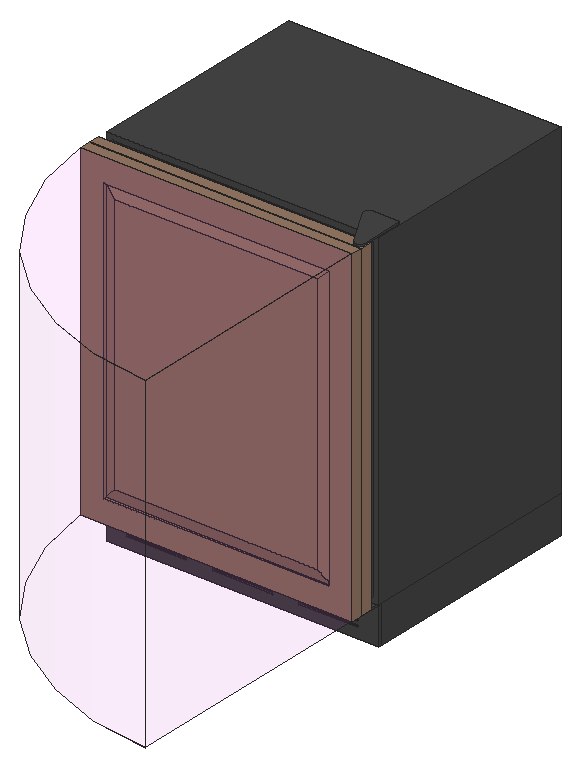
Revit family "QF_Summit_FF6BK2SSIFADA_Refrigerator", category Specialty Equipment, Revit 2020
Family settings
  Round Connector Dimension = Use Diameter
  Part Type = Normal
  Work Plane-Based = No
  Always vertical = Yes
  Cut with Voids When Loaded = No
  Shared = No
  Room Calculation Point = No
Parameters
  Weight in Pounds = 100
  Watts = Volts * FL Amps  # 92 W
  Volts = 115 V
  URL Cutsheet = ""
  Specification by User = ""
  Specification by Manufacturer = ""
  Show LHD [instance] = no
  Right Hinged Door [instance] = not(Show LHD)  # yes
  Serial Number = ""
  Seismic Rating = ""
  SMACNA No = ""
  Revision Code = ""
  Refrigerant Volume = 0.00 kip
  Refrigerant Type = "R600a"
  Phase = 1
  Number of Poles = 1
  NAFEM Spec ID Number = ""
  Model = "FF6BK2SSIFADA"
  Min Ckt Ampacity = 0 A
  Max Overcurrent Protection = 0 A
  Masterspec = ""
  Manufacturer = "Summit"
  Length = 23 5/8"
  Item Number = ""
  Installed By = ""
  Identify Quantity as Lot = yes
  Height = 32 1/8"
  HP = ""
  Furnished By = ""
  Foodservice Equipment Identifier = yes
  FL Amps = 0.8 A
  Electrical Remarks = ""
  Electric Connection Type = ""
  Elec Conn RI Height = 0"
  Elec Conn Connection Height = 0"
  Description = "Refrigerator"
  Depth = 22 3/8"
  Default Elevation = 0"
  Cycle = 60 Hz
  Conn Plug = ""
  Conn Conduit = yes
  CSI MasterFormat = ""
  BTUH = 0.0 Btu/h
  Apparent Power = if(Phase = 3, Volts * FL Amps * 1.73, Volts * FL Amps)  # 92 VA
Reference planes (in)
  plane 1 "BACK": y = 0
  plane 2: z = 0
  plane 3 "LEFT": x = 0
  plane 4 "RIGHT": x = 23.625
  plane 5 "FRONT": y = -22.375
  plane 6 "TOP": z = 32.125
  plane 7 "Center Y": x = 11.8125
  plane 8 "Center X": y = -11.1875
  plane 9: z = 32
  plane 10: y = -23.375
  plane 11: y = -45.875
  plane 12: y = -0.75
  plane 13: y = -20.5
  plane 14: z = 0.125
  plane 15: z = 3.375
  plane 16: x = 17.46169
Forms (in)
  Extrusion 1, solid, material "QF_Metallic_Paint_Black_Smooth"
    sketch origin (-4.07558, -180, 0.25) x (-1, 0, 0) y (0, -1, 0)
      loop
        line (-4.07558, -179.25) -> (-4.07558, -159.5) -> (-27.70058, -159.5) -> (-27.70058, -179.25) -> (-4.07558, -179.25)
    from 3.125 to 31.75
  Extrusion 2, solid, material "QF_Wood_Mahogany"
    sketch origin (-5.77638, -180, 3.5) x (-1, 0, 0) y (0, -1, 0)
      loop
        line (-5.77638, -157.625) -> (-29.40138, -157.625) -> (-29.40138, -158.625) -> (-5.77638, -158.625) -> (-5.77638, -157.625)
    from -0.125 to 28.5
  Extrusion 3, solid, material "QF_Metallic_Paint_Black_Smooth"
    sketch origin (23.5, -21.375, 3.5) x (-1, 0, 0) y (0, 0, 1)
      loop
        line (0.375, 0.375) -> (23, 0.375) -> (23, 28) -> (0.375, 28) -> (0.375, 0.375)
    from 0 to 0.875
  Extrusion 4, solid, material "QF_Metallic_Paint_Black_Smooth", visible <- "Right Hinged Door"
    sketch origin (-5.77638, -180, 32) x (-1, 0, 0) y (0, -1, 0)
      loop
        arc (-29.27619, -161.7403) -> (-29.20297, -161.91708) -> (-29.02619, -161.9903) r 0.25
        line (-29.02619, -161.9903) -> (-26.9149, -161.9903)
        arc (-26.9149, -161.9903) -> (-26.55876, -161.78675) -> (-26.55339, -161.37658) r 0.41333
        line (-26.55339, -161.37658) -> (-28.47012, -157.91871)
        arc (-28.47012, -157.91871) -> (-28.95386, -157.71088) -> (-29.27619, -158.12717) r 0.42999
        line (-29.27619, -158.12717) -> (-29.27619, -161.7403)
    from 0 to 0.125
  Extrusion 5, solid, material "QF_Metallic_Paint_Black_Smooth", visible <- "Right Hinged Door"
    sketch origin (-5.77638, -180, 3.375) x (0, 1, 0) y (1, 0, 0)
      loop
        line (159.5, 29.27619) -> (158.12717, 29.27619)
        arc (158.12717, 29.27619) -> (157.71088, 28.95386) -> (157.91871, 28.47012) r 0.42999
        line (157.91871, 28.47012) -> (159.5, 27.5936) -> (159.5, 29.27619)
    from 0 to 0.125
  Extrusion 6, solid, material "QF_Metallic_Paint_Black_Smooth"
    sketch origin (-12.48311, -20.5, 48) x (-1, 0, 0) y (0, 0, 1)
      loop
        line (-12.48311, -44.625) -> (-36.10811, -44.625) -> (-36.10811, -47.875) -> (-12.48311, -47.875) -> (-12.48311, -44.625)
      loop
        line (-14.18872, -45.26011) -> (-19.43872, -45.26011) -> (-19.43872, -45.51011) -> (-14.18872, -45.51011) -> (-14.18872, -45.26011)
      loop
        line (-14.18872, -45.76011) -> (-19.43872, -45.76011) -> (-19.43872, -46.01011) -> (-14.18872, -46.01011) -> (-14.18872, -45.76011)
      loop
        line (-14.18872, -46.26011) -> (-19.43872, -46.26011) -> (-19.43872, -46.51011) -> (-14.18872, -46.51011) -> (-14.18872, -46.26011)
      loop
        line (-14.18872, -46.76011) -> (-19.43872, -46.76011) -> (-19.43872, -47.01011) -> (-14.18872, -47.01011) -> (-14.18872, -46.76011)
      loop
        line (-21.67061, -45.26011) -> (-26.92061, -45.26011) -> (-26.92061, -45.51011) -> (-21.67061, -45.51011) -> (-21.67061, -45.26011)
      loop
        line (-21.67061, -45.76011) -> (-26.92061, -45.76011) -> (-26.92061, -46.01011) -> (-21.67061, -46.01011) -> (-21.67061, -45.76011)
      loop
        line (-21.67061, -46.26011) -> (-26.92061, -46.26011) -> (-26.92061, -46.51011) -> (-21.67061, -46.51011) -> (-21.67061, -46.26011)
      loop
        line (-21.67061, -46.76011) -> (-26.92061, -46.76011) -> (-26.92061, -47.01011) -> (-21.67061, -47.01011) -> (-21.67061, -46.76011)
      loop
        line (-34.40249, -45.26011) -> (-34.40249, -45.51011) -> (-29.15249, -45.51011) -> (-29.15249, -45.26011) -> (-34.40249, -45.26011)
      loop
        line (-34.40249, -45.76011) -> (-34.40249, -46.01011) -> (-29.15249, -46.01011) -> (-29.15249, -45.76011) -> (-34.40249, -45.76011)
      loop
        line (-34.40249, -46.26011) -> (-34.40249, -46.51011) -> (-29.15249, -46.51011) -> (-29.15249, -46.26011) -> (-34.40249, -46.26011)
      loop
        line (-34.40249, -46.76011) -> (-34.40249, -47.01011) -> (-29.15249, -47.01011) -> (-29.15249, -46.76011) -> (-34.40249, -46.76011)
    from 0 to 0.25
  Extrusion 7, solid, material "QF_Metallic_Paint_Black_Smooth"
    sketch origin (-12.48311, -1, 48) x (-1, 0, 0) y (0, 0, 1)
      loop
        line (-12.48311, -44.625) -> (-36.10811, -44.625) -> (-36.10811, -47.875) -> (-12.48311, -47.875) -> (-12.48311, -44.625)
    from -19.25 to 0.25
  Extrusion 8, solid, material "QF_Metallic_Paint_Black_Smooth"
    sketch origin (0, 0, 0) x (1, 0, 0) y (0, 1, 0)
      loop
        circle (3.1104, -18.5) r 0.5
      loop
        circle (3.1104, -2.75) r 0.5
      loop
        circle (20.5146, -18.5) r 0.5
      loop
        circle (20.5146, -2.75) r 0.5
    from 0 to 0.125
  Extrusion 9, solid, material "QF_Metal_Stainless_Polished"
    sketch origin (0, -0.75, 0.25) x (1, 0, 0) y (0, 0, -1)
      loop
        circle (17.46169, -0.84684) r 0.25
    from 0 to 0.25
  Extrusion 10, solid, material "QF_Metallic_Paint_Black_Smooth"
    sketch origin (0, -0.75, 17.75) x (0, -1, 0) y (1, 0, 0)
      loop
        line (-0.75, 9.30778) -> (0, 9.30778) -> (0, 14.31722) -> (-0.75, 14.31722) -> (-0.75, 9.30778)
    from -3 to 3
  Extrusion 11, solid, material "QF_Clearances_Door_Drawer", visible <- "Right Hinged Door"
    sketch origin (-5.77638, -180, 3.375) x (0, -1, 0) y (-1, 0, 0)
      loop
        line (-156.625, -29.40138) -> (-134.125, -29.40138)
        arc (-134.125, -29.40138) -> (-140.92298, -13.34886) -> (-156.625, -5.77638) r 24.71492
        line (-156.625, -5.77638) -> (-156.625, -29.40138)
    from 0 to -28.625
  Extrusion 12, solid, material "QF_Wood_Mahogany"
    sketch origin (23.625, -22.375, 3.5) x (-1, 0, 0) y (0, 0, 1)
      loop
        line (23.625, 28.5) -> (0, 28.5) -> (0, -0.125) -> (23.625, -0.125) -> (23.625, 28.5)
      loop
        line (21.625, 1.875) -> (21.625, 26.5) -> (2, 26.5) -> (2, 1.875) -> (21.625, 1.875)
    from 0 to -1
  Extrusion 13, solid
    sketch origin (23.625, -22.375, 3.5) x (-1, 0, 0) y (0, 0, 1)
      loop
        line (21.625, 26.5) -> (2, 26.5) -> (2, 1.875) -> (21.625, 1.875) -> (21.625, 26.5)
    from 0 to -0.75
  Blend 14, solid, material "QF_Wood_Mahogany"
    base sketch origin (23.625, -23.125, 3.5) x (1, 0, 0) y (0, 0, 1)
      loop
        line (-21.625, 26.5) -> (-21.625, 1.875) -> (-2, 1.875) -> (-2, 26.5) -> (-21.625, 26.5)
    top sketch origin (23.625, -23.125, 3.5) x (-1, 0, 0) y (0, 0, 1)
      loop
        line (20.625, 2.875) -> (20.625, 25.5) -> (3, 25.5) -> (3, 2.875) -> (20.625, 2.875)
    from 0 to 0.25
  Extrusion 15, solid, material "QF_Metallic_Paint_Black_Smooth", visible <- "Show LHD"
    sketch origin (29.40138, -180, 32) x (1, 0, 0) y (0, 1, 0)
      loop
        line (-29.27619, 161.7403) -> (-29.27619, 158.12717)
        arc (-29.27619, 158.12717) -> (-28.95386, 157.71088) -> (-28.47012, 157.91871) r 0.42999
        line (-28.47012, 157.91871) -> (-26.55339, 161.37658)
        arc (-26.55339, 161.37658) -> (-26.55876, 161.78675) -> (-26.9149, 161.9903) r 0.41333
        line (-26.9149, 161.9903) -> (-29.02619, 161.9903)
        arc (-29.02619, 161.9903) -> (-29.20297, 161.91708) -> (-29.27619, 161.7403) r 0.25
    from 0 to 0.125
  Extrusion 16, solid, material "QF_Metallic_Paint_Black_Smooth", visible <- "Show LHD"
    sketch origin (29.40138, -180, 3.375) x (0, -1, 0) y (-1, 0, 0)
      loop
        line (-159.5, 29.27619) -> (-159.5, 27.5936) -> (-157.91871, 28.47012)
        arc (-157.91871, 28.47012) -> (-157.71088, 28.95386) -> (-158.12717, 29.27619) r 0.42999
        line (-158.12717, 29.27619) -> (-159.5, 29.27619)
    from 0 to 0.125
  Extrusion 17, solid, material "QF_Clearances_Door_Drawer", visible <- "Show LHD"
    sketch origin (29.40138, -180, 3.375) x (0, 1, 0) y (1, 0, 0)
      loop
        line (156.625, -29.40138) -> (156.625, -5.77638)
        arc (156.625, -5.77638) -> (140.92298, -13.34886) -> (134.125, -29.40138) r 24.71492
        line (134.125, -29.40138) -> (156.625, -29.40138)
    from 0 to -28.625
Lines and regions (in)
  symbolic lines
    curve 1: line (0, -23.375, 0) -> (23.625, -23.375, 0)
    curve 2: line (23.625, -22.375, 0) -> (0, -22.375, 0)
    curve 3: line (23.625, -21.375, 0) -> (23.49982, -21.375, 0)
    curve 4: line (0, -20.5, 0) -> (0.12518, -20.5, 0)
    curve 5: line (23.625, -0.75, 0) -> (0, -0.75, 0)
    curve 6: line (14.31722, 0, 0) -> (9.30778, 0, 0)
    curve 7: line (0, -0.75, 0) -> (0, -20.5, 0)
    curve 8: line (23.625, -20.5, 0) -> (23.625, -0.75, 0)
    curve 9: line (9.30778, 0, 0) -> (9.30778, -0.75, 0)
    curve 10: line (14.31722, -0.75, 0) -> (14.31722, 0, 0)
    curve 12: line (0, -21.375, 0) -> (0, -22.375, 0)
    curve 13: line (0, -22.375, 0) -> (0, -23.375, 0)
    curve 14: line (23.625, -23.375, 0) -> (23.625, -22.375, 0)
    curve 15: line (23.625, -22.375, 0) -> (23.625, -21.375, 0)
    curve 22: line (22.30224, -21.375, 0) -> (1.32276, -21.375, 0)
    curve 23: line (23.49982, -20.5, 0) -> (23.625, -20.5, 0)
    curve 34: line (1.80778, -20.5, 0) -> (21.81722, -20.5, 0)
    curve 37: line (0.12518, -21.375, 0) -> (0, -21.375, 0)
  symbolic lines, visible <- "Right Hinged Door"
    curve 11: line (0.5, -20.5, 0) -> (0.5, -21.375, 0)
    curve 16: line (23.24982, -18.0097, 0) -> (21.13852, -18.0097, 0)
    curve 17: arc (21.13852, -18.0097, 0) -> (20.78238, -18.21325, 0) -> (20.77701, -18.62342, 0) r 0.41333
    curve 18: line (20.77701, -18.62342, 0) -> (22.69374, -22.08129, 0)
    curve 19: arc (22.69374, -22.08129, 0) -> (23.17748, -22.28912, 0) -> (23.49982, -21.87283, 0) r 0.42999
    curve 20: line (23.49982, -21.87283, 0) -> (23.49982, -18.2597, 0)
    curve 21: arc (23.49982, -18.2597, 0) -> (23.42659, -18.08292, 0) -> (23.24982, -18.0097, 0) r 0.25
    curve 35: line (0.12518, -20.5, 0) -> (1.80778, -20.5, 0)
    curve 36: line (1.32276, -21.375, 0) -> (0.12518, -21.375, 0)
  symbolic lines, style "QF_Clearances_Door_Drawer", visible <- "Right Hinged Door"
    curve 24: line (23.625, -23.375, 0) -> (3.95051, -34.73407, 0)
    curve 25: arc (3.95051, -34.73407, 0) -> (1.27379, -29.2985, 0) -> (0, -23.375, 0) r 24.71492
  symbolic lines, visible <- "Show LHD"
    curve 26: line (0.37518, -18.0097, 0) -> (2.48648, -18.0097, 0)
    curve 27: arc (2.48648, -18.0097, 0) -> (2.84262, -18.21325, 0) -> (2.84799, -18.62342, 0) r 0.41333
    curve 28: line (2.84799, -18.62342, 0) -> (0.93126, -22.08129, 0)
    curve 29: arc (0.93126, -22.08129, 0) -> (0.44752, -22.28912, 0) -> (0.12518, -21.87283, 0) r 0.42999
    curve 30: line (0.12518, -21.87283, 0) -> (0.12518, -18.2597, 0)
    curve 31: arc (0.12518, -18.2597, 0) -> (0.19841, -18.08292, 0) -> (0.37518, -18.0097, 0) r 0.25
    curve 38: line (23.125, -20.5, 0) -> (23.125, -21.375, 0)
    curve 39: line (23.49982, -20.5, 0) -> (21.81722, -20.5, 0)
    curve 40: line (22.30224, -21.375, 0) -> (23.49982, -21.375, 0)
  symbolic lines, style "QF_Clearances_Door_Drawer", visible <- "Show LHD"
    curve 32: line (0, -23.375, 0) -> (19.67449, -34.73407, 0)
    curve 33: arc (19.67449, -34.73407, 0) -> (22.35121, -29.2985, 0) -> (23.625, -23.375, 0) r 24.71492
Dimensions and locks (in)
  equal spacing: plane 3 "LEFT", plane 7 "Center Y", plane 4 "RIGHT"
  "Length": plane 3 "LEFT" to plane 4 "RIGHT"
  equal spacing: plane 5 "FRONT", plane 8 "Center X", plane 1 "BACK"
  "Depth": plane 5 "FRONT" to plane 1 "BACK"
  "Height": plane 6 "TOP" to level
  plane 4 "RIGHT" to plane 3 "LEFT" = 23 5/8"
  plane 6 "TOP" to plane 9 = 1/8"
  plane 1 "BACK" to plane 12 = 3/4"
  plane 12 to plane 13 = 19 3/4"
  plane 13 to plane 11 = 25 3/8"
  plane 12 to plane 11 = 45 1/8"
  plane 14 to plane 2 = 1/8"
  plane 9 to plane 14 = 31 7/8"
  plane 9 to plane 2 = 32"
  aligned and locked: level to plane 2
Automatic sketch dimensions
  Extrusion 1 sketch curve to plane 4 "RIGHT" = 0"
  Extrusion 1 sketch curve to plane 3 "LEFT" = 0"
  Extrusion 1 sketch curve to plane 12 = 0"
  Extrusion 1 sketch curve to plane 13 = 0"
  Extrusion 2 sketch curve to plane 4 "RIGHT" = 0"
  Extrusion 2 sketch curve to plane 3 "LEFT" = 0"
  plane 5 "FRONT" to Extrusion 2 sketch curve = 0"
  Extrusion 2 sketch curve to plane 13 = 7/8"
  Extrusion 2 to Extrusion 3 sketch curve = 1/2"  (x3)
  Extrusion 3 sketch curve to Extrusion 2 = 1/2"
  Extrusion 4 sketch curve to Extrusion 2 = 0.12518"
  Extrusion 4 sketch curve to Extrusion 4 sketch curve = 1/4"
  Extrusion 4 sketch curve to Extrusion 4 sketch curve = 0.42999"
  Extrusion 4 sketch curve to Extrusion 2 = 0.29371"
  Extrusion 4 sketch curve to Extrusion 4 sketch curve = 0.37608"
  Extrusion 4 sketch curve to Extrusion 4 sketch curve = 2.1113"
  Extrusion 4 sketch curve to Extrusion 4 sketch curve = 0.36151"
  Extrusion 2 to Extrusion 4 sketch curve = 2.75158"
  Extrusion 4 sketch curve to Extrusion 4 sketch curve = 0.20039"
  Extrusion 5 sketch curve to plane 13 = 0"
  Extrusion 5 sketch curve to plane 5 "FRONT" = 0.50217"
  Extrusion 5 sketch curve to plane 5 "FRONT" = 0.29371"
  plane 4 "RIGHT" to Extrusion 5 sketch curve = 0.12518"
  Extrusion 5 sketch curve to Extrusion 5 sketch curve = 0.42999"
  Extrusion 5 sketch curve to Extrusion 5 sketch curve = 1.6826"
  plane 4 "RIGHT" to Extrusion 6 sketch curve = 0"
  Extrusion 6 sketch curve to plane 3 "LEFT" = 0"
  Extrusion 6 sketch curve to plane 14 = 0"
  Extrusion 6 sketch curve to plane 15 = 0"
  plane 4 "RIGHT" to Extrusion 6 sketch curve = 1.70562"
  Extrusion 6 sketch curve to Extrusion 6 sketch curve = 0"  (x18)
  plane 16 to Extrusion 6 sketch curve = 0.79231"
  plane 14 to Extrusion 6 sketch curve = 0.86489"  (x2)
  Extrusion 6 sketch curve to Extrusion 6 sketch curve = 2.23188"  (x2)
  Extrusion 6 sketch curve to plane 15 = 1.13511"
  Extrusion 6 sketch curve to plane 7 "Center Y" = 2 5/8"
  plane 14 to Extrusion 6 sketch curve = 1.11489"
  plane 3 "LEFT" to Extrusion 6 sketch curve = 1.70562"
  Extrusion 6 sketch curve to Extrusion 6 sketch curve = 1/4"  (x20)
  plane 4 "RIGHT" to Extrusion 7 sketch curve = 0"
  Extrusion 7 sketch curve to plane 3 "LEFT" = 0"
  Extrusion 7 sketch curve to plane 14 = 0"
  Extrusion 7 sketch curve to plane 15 = 0"
  plane 3 "LEFT" to Extrusion 8 sketch curve = 3.1104"  (x2)
  Extrusion 8 sketch curve to plane 16 = 3.05291"  (x2)
  plane 13 to Extrusion 8 sketch curve = 2"  (x2)
  Extrusion 8 sketch curve to plane 12 = 2"  (x2)
  Extrusion 9 sketch curve to Extrusion 1 = 2.27816"
  Extrusion 9 sketch curve to Extrusion 1 = 6.16331"
  plane 1 "BACK" to Extrusion 10 sketch curve = 0"
  Extrusion 10 sketch curve to plane 12 = 0"
  Extrusion 10 sketch curve to plane 7 "Center Y" = 2.50472"
  plane 7 "Center Y" to Extrusion 10 sketch curve = 2.50472"
  Extrusion 11 sketch curve to Extrusion 2 = 0"  (x2)
  Extrusion 11 sketch curve to Extrusion 2 = 0.19499"
  Extrusion 11 sketch curve to Extrusion 2 = 1"
  Extrusion 11 sketch curve to Extrusion 11 sketch curve = 22 1/2"
  plane 4 "RIGHT" to Extrusion 12 sketch curve = 0"
  Extrusion 12 sketch curve to plane 3 "LEFT" = 0"
  Extrusion 12 sketch curve to plane 15 = 0"
  Extrusion 12 sketch curve to plane 9 = 0"
  plane 4 "RIGHT" to Extrusion 12 sketch curve = 2"
  plane 3 "LEFT" to Extrusion 12 sketch curve = 2"
  plane 15 to Extrusion 12 sketch curve = 2"
  Extrusion 12 sketch curve to plane 9 = 2"
  Extrusion 12 to Extrusion 13 sketch curve = 0"
  Extrusion 13 sketch curve to Extrusion 12 = 0"  (x3)
  Extrusion 13 to Blend 14 sketch curve = 0"
  Blend 14 sketch curve to Extrusion 13 = 0"  (x3)
  Extrusion 13 to Blend 14 sketch curve = 1"  (x4)
  Extrusion 15 sketch curve to Extrusion 2 = 0.12518"
  Extrusion 15 sketch curve to Extrusion 15 sketch curve = 1/4"
  Extrusion 15 sketch curve to Extrusion 15 sketch curve = 0.42999"
  Extrusion 15 sketch curve to Extrusion 2 = 0.29371"
  Extrusion 15 sketch curve to Extrusion 15 sketch curve = 0.37608"
  Extrusion 15 sketch curve to Extrusion 15 sketch curve = 2.1113"
  Extrusion 15 sketch curve to Extrusion 15 sketch curve = 0.36151"
  Extrusion 2 to Extrusion 15 sketch curve = 2.75158"
  Extrusion 15 sketch curve to Extrusion 15 sketch curve = 0.20039"
  Extrusion 16 sketch curve to plane 13 = 0"
  plane 3 "LEFT" to Extrusion 16 sketch curve = 0.12518"
  Extrusion 16 sketch curve to plane 5 "FRONT" = 0.50217"
  Extrusion 16 sketch curve to plane 5 "FRONT" = 0.29371"
  Extrusion 16 sketch curve to Extrusion 16 sketch curve = 0.42999"
  Extrusion 16 sketch curve to Extrusion 16 sketch curve = 1.6826"
  Extrusion 17 sketch curve to Extrusion 2 = 0"  (x2)
  Extrusion 17 sketch curve to Extrusion 2 = 23 1/2"
  Extrusion 17 sketch curve to Extrusion 2 = 1"
  Extrusion 17 sketch curve to Extrusion 2 = 0.19499"
  curve 12 to plane 3 "LEFT" = 0"
  curve 4 to plane 3 "LEFT" = 0"
  curve 35 to plane 13 = 0"
  curve 4 to plane 13 = 0"
  curve 34 to plane 13 = 0"
  plane 1 "BACK" to curve 9 = 0"
  curve 9 to plane 12 = 0"
  curve 39 to plane 13 = 0"
  curve 23 to plane 13 = 0"
  curve 33 to plane 4 "RIGHT" = 0"
  curve 23 to plane 4 "RIGHT" = 0"
  curve 13 to plane 10 = 0"
  plane 5 "FRONT" to curve 13 = 0"
  curve 33 to plane 3 "LEFT" = 0.99226"
  plane 3 "LEFT" to curve 36 = 0.12518"
  curve 30 to curve 31 = 1/4"
  curve 30 to curve 29 = 0.42999"
  curve 28 to plane 5 "FRONT" = 0.29371"
  curve 29 to curve 28 = 0.37608"
  curve 29 to curve 22 = 0.3915"
  curve 31 to curve 27 = 2.1113"
  curve 27 to curve 28 = 0.36151"
  plane 3 "LEFT" to curve 24 = 3.95051"
  curve 9 to plane 7 "Center Y" = 2.50472"
  plane 7 "Center Y" to curve 10 = 2.50472"
  curve 32 to plane 16 = 2.2128"
  plane 4 "RIGHT" to curve 18 = 2.84799"
  curve 17 to curve 16 = 0.36151"
  curve 18 to plane 5 "FRONT" = 0.29371"
  plane 4 "RIGHT" to curve 18 = 0.93126"
  curve 18 to curve 19 = 0.37608"
  plane 4 "RIGHT" to curve 21 = 0.37518"
  plane 4 "RIGHT" to curve 20 = 0.12518"
  curve 25 to plane 4 "RIGHT" = 0.99226"
  curve 32 to curve 1 = 11.35907"
  curve 24 to curve 1 = 11.35907"
  curve 30 to curve 36 = 0.49783"
  curve 20 to curve 15 = 0.49783"
  curve 22 to curve 36 = 0"
  curve 37 to curve 36 = 0"
  plane 13 to curve 18 = 1.87658"
  curve 17 to curve 17 = 0.20039"
  curve 27 to curve 27 = 0.20039"
  curve 4 to curve 11 = 0.37482"
  curve 40 to curve 22 = 0"
  curve 38 to curve 23 = 0.37482"
  radius of Extrusion 8 sketch curve = 1/2"  (x4)
  radius of Extrusion 9 sketch curve = 1/4"
Connectors (in)
  electrical at (17.46169, -0.5, 1.09684), driven by "Volts", driven by "Watts"
    settings: on Extrusion 9, index 2, voltage 115 V, apparent load 92 VA, apparent load phase1 0 VA, apparent load phase2 0 VA, apparent load phase3 0 VA, power factor 1, load classification "Other", number of poles 1, system type 30, power factor state 1, is connector primary yes, connector utility no, sub classification motor no, connector description ""
